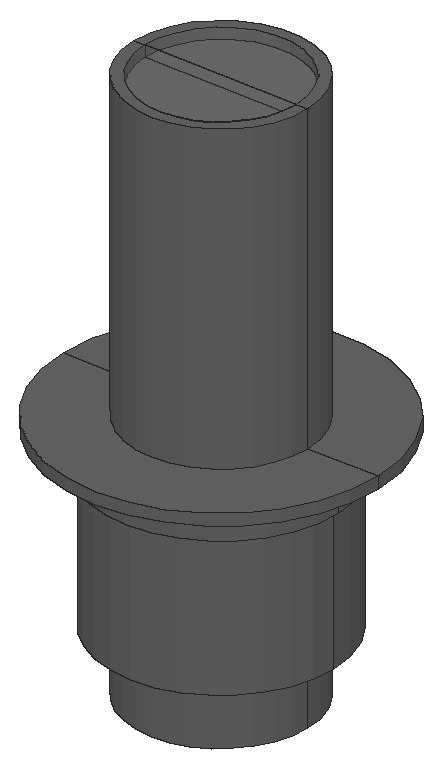
Revit family "LTC-3RDW-S", category Lighting Fixtures, host Face, Revit 2014
Parameters (values of type "LTC-3RW-S")
  Wattage Comments = ""
  Wattage = 25 W
  built-in parameter 1150110 = 1 (stored number, unit not read)
  Voltage = if(Is 120V, 120 V, 277 V)  # 120 V
  URL = "https://www.hubbell.com/prescolite/en"
  built-in parameter 1114217 = 1 (stored number, unit not read)
  Tilt Angle = -90.00°
  built-in parameter 1150109 = 1 (stored number, unit not read)
  built-in parameter 1150134 = (empty or 0)
  built-in parameter 1150113 = 1 (stored number, unit not read)
  Reflector Finish = Paint - Hubbell - Carbon Black
  Product Page URL = "https://www.hubbell.com/prescolite/en/Products/Lighting-Controls/Commercial-Indoor-Lighting/Cylinder/LITEISTRY-3-Round-Cylinder-DownlightWall-Wash/p/3775843"
  Product Material = Paint - Hubbell - Carbon Black
  Product Documentation Link = "https://hubbellcdn.com/specsheet/LTC-3RDW.pdf"
  Photometric Web Link = "https://www.hubbell.com/prescolite/en/Products/Lighting-Controls/Commercial-Indoor-Lighting/Cylinder/LITEISTRY-3-Round-Cylinder-DownlightWall-Wash/p/3775843"
  Photometric Web File = "LTC-3RD-P-20L35K8MD-DM1-S-BL.ies"
  Photometric Notes = "More IES files download on Photometric Web Link"  # constant formula
  Model = "LTC-3RD"  # constant formula
  Manufacturer = "Prescolite"  # constant formula
  built-in parameter 1150105 = 175.07 (stored number, unit not read)
  Lumens = 2200 lm
  built-in parameter 1150115 = 1 (stored number, unit not read)
  Load Classification = Lighting
  built-in parameter 1150137 = (empty or 0)
  built-in parameter 1150139 = (empty or 0)
  built-in parameter 1150112 = 1 (stored number, unit not read)
  built-in parameter 1150114 = 1 (stored number, unit not read)
  Lamp = " LED's"  # constant formula
  Is 277V = not(Is 120V)  # no
  Is 120V = yes
  built-in parameter 1150132 = (empty or 0)
  built-in parameter 1150102 = (empty or 0)
  built-in parameter 1150107 = 3000 (stored number, unit not read)
  built-in parameter 1150138 = (empty or 0)
  built-in parameter 1150106 = 1.7507 (stored number, unit not read)
  Glass = Hubbell - White Glass
  Frequency = 60 Hz  # constant formula
  Emit from Circle Diameter = 3"
  Emit Shape Visible in Rendering = yes
  built-in parameter 1150104 = 8.1755 (stored number, unit not read)
  Dimming Lamp Color Temperature Shift = <None>
  Description = "LITEISTRY™ 3 Round Cylinder Downlight/Wall Wash"  # constant formula
  Default Elevation = 48"
  Contact Us = "https://www.hubbell.com/prescolite/en/"
  Connector Description = "Lighting Connector"  # constant formula
  Color Filter = 16777215
  Ceiling Thickness [instance] = 1 1/4"
  Cutout Radius = 3 1/8"
  Ceiling Cutout = Cutout Radius * 2  # 6 1/4"
  built-in parameter 1114218 = 1 (stored number, unit not read)
  built-in parameter 1150133 = 10 (stored number, unit not read)
  Apparent Load = 52 VA
Reference planes (in)
  plane 1 "Center (Front/Back)": y = 0
  plane 2: z = 0
  plane 3 "Center (Left/Right)": x = 0
  plane 4: x = 3
  plane 5: x = -3
  plane 6: y = 3
  plane 7: y = -3
  plane 8: x = 2
  plane 9: x = -2
  plane 10: y = 2
  plane 11: y = -2
  plane 12: z = 7.26172
  plane 13: z = -6
Forms (in)
  Extrusion 1, void
    sketch origin (0, 0, 0) x (1, 0, 0) y (0, 1, 0)
      loop
        circle (0, 0) r 3.125
    from -1.25 to 0
  Revolve 2, solid, material "Paint - Hubbell - Carbon Black" <- "Product Material"
    sketch origin (0, 0, 0) x (1, 0, 0) y (0, 0, 1)
      loop
        line (1.75, 7.26172) -> (1.75, 7.01172) -> (0, 7.01172) -> (0, 0) -> (3.625, 0) -> (3.625, 0.26172) -> (2, 0.26172) -> (2, 7.26172) -> (1.75, 7.26172)
      axis (0, 7.26172) -> (0, 0)
    angle from 0 to 360
  Revolve 3, solid, material "Paint - Hubbell - Carbon Black" <- "Reflector Finish"
    sketch origin (0, 0, 0) x (1, 0, 0) y (0, 0, 1)
      loop
        line (0, -5.5) -> (2, -5.5) -> (2, -4.25) -> (2.25, -4.25) -> (2.42678, -4.07322) -> (2.59138, -4.07322) -> (2.59138, -0.82322) -> (2.71182, -0.82322) -> (2.71182, 0) -> (0, 0) -> (0, -5.5)
      axis (0, 0) -> (0, -5.5)
    angle from 0 to 360
  Revolve 4, solid, material "Hubbell - White Glass" <- "Glass"
    sketch origin (0, 0, 0) x (1, 0, 0) y (0, 0, 1)
      loop
        line (0, 7.26172) -> (0, 7.01172) -> (1.75, 7.01172) -> (1.75, 7.26172) -> (0, 7.26172)
      axis (0, 7.26172) -> (0, 7.01172)
    angle from 0 to 360
Dimensions and locks (in)
  "Cutout Radius": radius of Extrusion 1 sketch curve
  aligned and locked: plane 2 to host face
  aligned and locked: level to host face
  aligned and locked: level to Extrusion 1
  aligned and locked: plane 1 "Center (Front/Back)" to Extrusion 1 sketch curve
  aligned and locked: plane 3 "Center (Left/Right)" to Extrusion 1 sketch curve
  aligned and locked: plane 3 "Center (Left/Right)" to imposter light
Automatic sketch dimensions
  host sketch curve to host sketch curve = 96"  (x2)
  Revolve 3 sketch curve to plane 3 "Center (Left/Right)" = 0"  (x2)
  Revolve 3 sketch curve to level = 0"
  Revolve 3 sketch curve to plane 8 = 0"
  Revolve 3 sketch curve to Revolve 3 sketch curve = 1/4"
  Revolve 3 sketch curve to Revolve 3 sketch curve = 0.17678"  (x2)
  Revolve 3 sketch curve to plane 4 = 0.40862"
  Revolve 3 sketch curve to Revolve 3 sketch curve = 0.12043"
  Revolve 3 sketch curve to level = 0.82322"
  Revolve 3 sketch curve to plane 13 = 1.92678"
  Revolve 3 sketch curve to plane 13 = 1/2"
  plane 13 to Revolve 3 sketch curve = 1 253/256"
  plane 12 to Revolve 3 sketch curve = 2 1/2"
  Revolve 4 sketch curve to plane 3 "Center (Left/Right)" = 0"  (x2)
  Revolve 4 sketch curve to plane 8 = 1/4"
  Revolve 4 sketch curve to plane 12 = 0"
  plane 12 to Revolve 4 sketch curve = 1/4"
  plane 13 to Revolve 4 sketch curve = 7 189/256"
  Revolve 4 sketch curve to Revolve 4 sketch curve = 13"
  Revolve 2 sketch curve to plane 3 "Center (Left/Right)" = 0"  (x2)
  Revolve 2 sketch curve to plane 8 = 0"
  Revolve 2 sketch curve to level = 0"
  level to Revolve 2 sketch curve = 67/256"
  plane 4 to Revolve 2 sketch curve = 5/8"
  Revolve 2 sketch curve to plane 8 = 1/4"
  plane 13 to Revolve 2 sketch curve = 18"
  plane 12 to Revolve 2 sketch curve = 1/4"
  Revolve 2 sketch curve to Revolve 2 sketch curve = 20.38245"
  Revolve 2 sketch curve to plane 12 = 0"
Connectors (in)
  electrical at (0, 0, 0), driven by "Connector Description", driven by "Voltage", driven by "Apparent Load", driven by "Load Classification"
    settings: on host face, index 1, voltage 120 V, apparent load 52 VA, apparent load phase1 0 VA, apparent load phase2 0 VA, apparent load phase3 0 VA, power factor 0.9, load classification "Lighting", number of poles 1, system type 30, power factor state 1, is connector primary yes, connector utility no, sub classification motor no, connector description "Lighting Connector"
